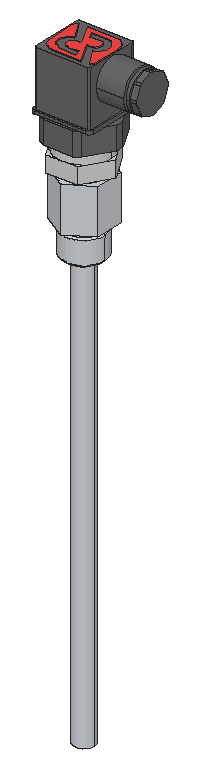
Revit family "РИДАН_Датчик температуры MBT5250R", category Арматура трубопроводов, Revit 2019
Family settings
  Размер круглого соединителя = Использовать диаметр
  Тип детали = Нормальный
  На основе рабочей плоскости = Нет
  Всегда вертикально = Да
  При загрузке вырезать с полостями = Нет
  Общий = Нет
Parameters (values of type "MBT5250 RPt1000 L=250мм")
  Контакты_Производитель = "info@ridan.ru"  # constant formula
  Гильза_ = Влж_Гильза для MBT5250R : Гильза для MBT5250R L=250мм
  Гильза [instance] = yes
  a = 250 mm
  L = 235 mm
  ADSK_Наименование = "Термопреобразователь сопротивления (датчик температуры) MBT5250R Pt1000 L=250 мм"
  ADSK_Масса_Текст = ""
  ADSK_Масса = 0
  ADSK_Марка = "MBT5250R"
  ADSK_Количество = 1  # constant formula
  ADSK_Код изделия = "084Z2258R"
  ADSK_Завод-изготовитель = "ООО «Ридан-Трейд»"  # constant formula
  ADSK_Единица измерения = "шт."
  ADSK_Версия семейства = "1.0"  # constant formula
  ADSK_Версия Revit = "2019"  # constant formula
Types (11, lengths in mm): name | Гильза_ | a | L | ADSK_Наименование | ADSK_Код изделия
  (no name) | Влж_Гильза для MBT5250R : Гильза для MBT5250R L=250мм | 250 | 235 | "Термопреобразователь сопротивления (датчик температуры) MBT5250R Pt1000 L=250 мм" | "084Z2258R"
  MBT5250 RPt1000 L=50мм | Влж_Гильза для MBT5250R : Гильза для MBT5250R L=50мм | 50 | 35 | "Термопреобразователь сопротивления (датчик температуры) MBT5250R Pt1000 L=50 мм" | "084Z8083R"
  MBT5250 RPt1000 L=100мм | Влж_Гильза для MBT5250R : Гильза для MBT5250R L=100мм | 100 | 85 | "Термопреобразователь сопротивления (датчик температуры) MBT5250R Pt1000 L=100 мм" | "084Z8139R"
  MBT5250 RPt1000 L=150мм | Влж_Гильза для MBT5250R : Гильза для MBT5250R L=150мм | 150 | 135 | "Термопреобразователь сопротивления (датчик температуры) MBT5250R Pt1000 L=150 мм" | "084Z2113R"
  MBT5250 RPt1000 L=200мм | Влж_Гильза для MBT5250R : Гильза для MBT5250R L=200мм | 200 | 185 | "Термопреобразователь сопротивления (датчик температуры) MBT5250R Pt1000 L=200 мм" | "084Z2257R"
  MBT5250 RPt1000 L=250мм | Влж_Гильза для MBT5250R : Гильза для MBT5250R L=250мм | 250 | 235 | "Термопреобразователь сопротивления (датчик температуры) MBT5250R Pt1000 L=250 мм" | "084Z2258R"
  MBT5250 RPt100 L=50мм | Влж_Гильза для MBT5250R : Гильза для MBT5250R L=50мм | 50 | 35 | "Термопреобразователь сопротивления (датчик температуры) MBT5250R Pt100 L=50 мм" | "084Z8011R"
  MBT5250 RPt100 L=100мм | Влж_Гильза для MBT5250R : Гильза для MBT5250R L=100мм | 100 | 85 | "Термопреобразователь сопротивления (датчик температуры) MBT5250R Pt100 L=100 мм" | "084Z8012R"
  MBT5250 RPt100 L=150мм | Влж_Гильза для MBT5250R : Гильза для MBT5250R L=150мм | 150 | 135 | "Термопреобразователь сопротивления (датчик температуры) MBT5250R Pt100 L=150 мм" | "084Z8010R"
  MBT5250 RPt100 L=200мм | Влж_Гильза для MBT5250R : Гильза для MBT5250R L=200мм | 200 | 185 | "Термопреобразователь сопротивления (датчик температуры) MBT5250R Pt100 L=200 мм" | "084Z8022R"
  MBT5250 RPt100 L=250мм | Влж_Гильза для MBT5250R : Гильза для MBT5250R L=250мм | 250 | 235 | "Термопреобразователь сопротивления (датчик температуры) MBT5250R Pt100 L=250 мм" | "084Z8023R"
Reference planes
  plane 1 "По центру (Вперед/Назад)": y = 0
  plane 2: z = 0
  plane 3 "По центру (Влево/Вправо)": x = 0
  plane 4: z = 67
  plane 5: z = 9
  plane 6: z = -226
  plane 7: z = 22
Forms (mm)
  Extrusion 1, solid, material "Пластик светло-черный", detail levels fine
    sketch origin (0, 0, 0) x (1, 0, 0) y (0, 1, 0)
      loop
        arc (-12.5, 13.5) -> (-13.207, 13.207) -> (-13.5, 12.5) r 1
        line (-13.5, 12.5) -> (-13.5, -12.5)
        arc (-13.5, -12.5) -> (-13.207, -13.207) -> (-12.5, -13.5) r 1
        line (-12.5, -13.5) -> (12.5, -13.5)
        arc (12.5, -13.5) -> (13.207, -13.207) -> (13.5, -12.5) r 1
        line (13.5, -12.5) -> (13.5, 12.5)
        arc (13.5, 12.5) -> (13.207, 13.207) -> (12.5, 13.5) r 1
        line (12.5, 13.5) -> (-12.5, 13.5)
    from 50 to 77
  Extrusion 2, solid, material "Пластик светло-черный", detail levels fine
    sketch origin (0, 0, 0) x (0, 1, 0) y (0, 0, 1)
      loop
        circle (0, 67) r 9.8
    from 13.5 to 27.3
  Extrusion 3, solid, material "Пластик светло-черный", detail levels fine
    sketch origin (0, 0, 0) x (0, 1, 0) y (0, 0, 1)
      loop
        circle (0, 67) r 7.5
    from 27.3 to 28.3
  Extrusion 4, solid, material "Пластик светло-черный", detail levels fine
    sketch origin (0, 0, 0) x (0, 1, 0) y (0, 0, 1)
      loop
        circle (0, 67) r 9.5
    from 28.3 to 29.8
  Extrusion 5, solid, material "Пластик светло-черный", detail levels fine
    sketch origin (0, 0, 0) x (0, 1, 0) y (0, 0, 1)
      loop
        line (-0.733, 76.461) -> (-6.172, 74.208)
        arc (-6.172, 74.208) -> (-6.71, 73.71) -> (-7.208, 73.172) r 9.489
        line (-7.208, 73.172) -> (-9.461, 67.733)
        arc (-9.461, 67.733) -> (-9.489, 67) -> (-9.461, 66.267) r 9.489
        line (-9.461, 66.267) -> (-7.208, 60.828)
        arc (-7.208, 60.828) -> (-6.71, 60.29) -> (-6.172, 59.792) r 9.489
        line (-6.172, 59.792) -> (-0.733, 57.539)
        arc (-0.733, 57.539) -> (0, 57.511) -> (0.733, 57.539) r 9.489
        line (0.733, 57.539) -> (6.172, 59.792)
        arc (6.172, 59.792) -> (6.71, 60.29) -> (7.208, 60.828) r 9.489
        line (7.208, 60.828) -> (9.461, 66.267)
        arc (9.461, 66.267) -> (9.489, 67) -> (9.461, 67.733) r 9.489
        line (9.461, 67.733) -> (7.208, 73.172)
        arc (7.208, 73.172) -> (6.71, 73.71) -> (6.172, 74.208) r 9.489
        line (6.172, 74.208) -> (0.733, 76.461)
        arc (0.733, 76.461) -> (0, 76.489) -> (-0.733, 76.461) r 9.489
    from 29.8 to 33.3
  Extrusion 6, solid, material "Пластик светло-черный", detail levels fine
    sketch origin (0, 0, 0) x (1, 0, 0) y (0, 1, 0)
      loop
        arc (-17.401, 1.857) -> (-17.5, -0.005) -> (-17.4, -1.867) r 17.5
        line (-17.4, -1.867) -> (-10.307, -14.142)
        arc (-10.307, -14.142) -> (-8.748, -15.157) -> (-7.089, -16) r 17.5
        line (-7.089, -16) -> (7.089, -16)
        arc (7.089, -16) -> (8.748, -15.157) -> (10.307, -14.142) r 17.5
        line (10.307, -14.142) -> (17.4, -1.867)
        arc (17.4, -1.867) -> (17.5, -0.005) -> (17.401, 1.857) r 17.5
        line (17.401, 1.857) -> (10.315, 14.137)
        arc (10.315, 14.137) -> (8.752, 15.154) -> (7.089, 16) r 17.5
        line (7.089, 16) -> (-7.089, 16)
        arc (-7.089, 16) -> (-8.752, 15.154) -> (-10.315, 14.137) r 17.5
        line (-10.315, 14.137) -> (-17.401, 1.857)
    from 37.5 to 48.5
  Extrusion 7, solid, material "Пластик светло-черный", detail levels fine
    sketch origin (0, 0, 0) x (1, 0, 0) y (0, 1, 0)
      loop
        arc (-12.5, 14.5) -> (-13.914, 13.914) -> (-14.5, 12.5) r 2
        line (-14.5, 12.5) -> (-14.5, -12.5)
        arc (-14.5, -12.5) -> (-13.914, -13.914) -> (-12.5, -14.5) r 2
        line (-12.5, -14.5) -> (12.5, -14.5)
        arc (12.5, -14.5) -> (13.914, -13.914) -> (14.5, -12.5) r 2
        line (14.5, -12.5) -> (14.5, 12.5)
        arc (14.5, 12.5) -> (13.914, 13.914) -> (12.5, 14.5) r 2
        line (12.5, 14.5) -> (-12.5, 14.5)
    from 48.5 to 50
  Extrusion 8, solid, material "Сталь нержавеющая", detail levels fine
    sketch origin (0, 0, 0) x (1, 0, 0) y (0, 1, 0)
      loop
        line (-15.588, 0) -> (-7.794, -13.5) -> (7.794, -13.5) -> (15.588, 0) -> (7.794, 13.5) -> (-7.794, 13.5) -> (-15.588, 0)
    from 24 to 32
  Extrusion 9, solid, material "Сталь нержавеющая", detail levels fine
    sketch origin (0, 0, 0) x (1, 0, 0) y (0, 1, 0)
      loop
        circle (0, 0) r 13.5
    from 32 to 37.5
  Revolve 10, solid, material "Сталь нержавеющая", detail levels fine
    sketch origin (0, 0, 0) x (1, 0, 0) y (0, 0, 1)
      loop
        line (-9.5, 21) -> (0, 21) -> (0, 24) -> (-11, 24) -> (-9.5, 21)
      axis (0, 24) -> (0, 21)
    angle from 0 to 360
  Extrusion 11, solid, material "Красный", detail levels fine
    sketch origin (-14.378, -63.509, 0) x (1, 0, 0) y (0, 1, 0)
      loop
        line (6.962, 74.744) -> (13.026, 63.509) -> (10.849, 63.509)
        arc (10.849, 63.509) -> (9.058, 62.767) -> (8.317, 60.976) r 2.533
        arc (8.317, 60.976) -> (9.257, 58.705) -> (11.528, 57.765) r 3.211
        line (11.528, 57.765) -> (16.238, 57.765) -> (17.788, 54.85) -> (11.227, 54.85)
        arc (11.227, 54.85) -> (8.667, 55.304) -> (6.419, 56.61) r 7.445
        arc (6.419, 56.61) -> (4.784, 58.802) -> (4.628, 61.533) r 4.751
        arc (4.628, 61.533) -> (6.028, 64.027) -> (8.531, 65.412) r 5.234
        line (8.531, 65.412) -> (2.735, 74.744)
        arc (2.735, 74.744) -> (1.98, 73.524) -> (1.716, 72.114) r 3.902
        line (1.716, 72.114) -> (1.716, 58.865)
        arc (1.716, 58.865) -> (3.637, 54.228) -> (8.274, 52.307) r 6.558
        line (8.274, 52.307) -> (21.776, 52.307) -> (15.729, 63.509) -> (18.064, 63.509)
        arc (18.064, 63.509) -> (19.32, 64.111) -> (20.224, 65.173) r 3.353
        arc (20.224, 65.173) -> (20.511, 66.368) -> (20.224, 67.563) r 2.625
        arc (20.224, 67.563) -> (19.368, 68.724) -> (18.039, 69.286) r 2.73
        line (18.039, 69.286) -> (12.536, 69.286) -> (11.041, 72.098) -> (18.518, 72.098)
        arc (18.518, 72.098) -> (21.261, 71.276) -> (23.319, 69.286) r 6.055
        arc (23.319, 69.286) -> (24.127, 67.022) -> (23.89, 64.629) r 5.492
        arc (23.89, 64.629) -> (22.567, 62.577) -> (20.415, 61.426) r 4.868
        line (20.415, 61.426) -> (25.727, 52.585)
        arc (25.727, 52.585) -> (26.781, 53.499) -> (27.174, 54.838) r 2.477
        line (27.174, 54.838) -> (27.174, 68.069)
        arc (27.174, 68.069) -> (25.219, 72.789) -> (20.5, 74.744) r 6.675
        line (20.5, 74.744) -> (6.962, 74.744)
    from 76.1 to 77.1
  Revolve 12, solid, material "Сталь нержавеющая", detail levels fine
    sketch origin (0, 0, 0) x (1, 0, 0) y (0, 0, 1)
      loop
        line (-9.5, 19) -> (-10.3, 18) -> (-10.3, 10) -> (-9.3, 9) -> (0, 9) -> (0, 21) -> (-9.5, 21) -> (-9.5, 19)
      axis (0, 21) -> (0, 9)
    angle from 0 to 360
  Extrusion 13, solid, material "Сталь нержавеющая", detail levels fine
    sketch origin (0, 0, 0) x (1, 0, 0) y (0, 1, 0)
      loop
        circle (0, 0) r 3.007
    from -226 to 9
Lines and regions (mm)
  model lines, detail levels coarse+medium
    curve 1: circle (0, 0, 61.087) r 30 normal (0, -1, 0)
    curve 2: line (-16.22, 0, 76.087) -> (13.78, 0, 76.087)
    curve 3: line (0, 0, 41.087) -> (0, 0, 76.087)
    curve 4: line (0, 0, 0.087) -> (0, 0, 31.087)
Dimensions and locks
  locked: plane 5 to plane 2 at 9
  "L": plane 5 to plane 6
  locked: plane 7 to plane 2 at 22
  aligned and locked: level to plane 2
  aligned and locked: plane 5 to Extrusion 13
  aligned and locked: Extrusion 13 to plane 6
  aligned and locked: plane 7 to nested 2
Automatic sketch dimensions
  Extrusion 1 sketch curve to plane 3 "По центру (Влево/Вправо)" = 13.5 mm
  Extrusion 1 sketch curve to Extrusion 1 sketch curve = 1 mm  (x3)
  plane 3 "По центру (Влево/Вправо)" to Extrusion 1 sketch curve = 12.5 mm  (x2)
  plane 1 "По центру (Вперед/Назад)" to Extrusion 1 sketch curve = 13.5 mm
  Extrusion 1 sketch curve to plane 1 "По центру (Вперед/Назад)" = 12.5 mm
  Extrusion 2 sketch curve to plane 1 "По центру (Вперед/Назад)" = 0 mm
  Extrusion 2 sketch curve to plane 4 = 0 mm
  Extrusion 3 sketch curve to plane 1 "По центру (Вперед/Назад)" = 0 mm
  Extrusion 3 sketch curve to plane 4 = 0 mm
  Extrusion 4 sketch curve to plane 1 "По центру (Вперед/Назад)" = 0 mm
  Extrusion 4 sketch curve to plane 4 = 0 mm
  Extrusion 5 sketch curve to Extrusion 5 sketch curve = 0 mm  (x56)
  Extrusion 5 sketch curve to plane 1 "По центру (Вперед/Назад)" = 0 mm
  Extrusion 5 sketch curve to plane 4 = 0 mm
  plane 1 "По центру (Вперед/Назад)" to Extrusion 5 sketch curve = 0.733 mm  (x2)
  Extrusion 5 sketch curve to Extrusion 5 sketch curve = 5.439 mm  (x8)
  Extrusion 5 sketch curve to Extrusion 5 sketch curve = 1.037 mm  (x4)
  plane 4 to Extrusion 5 sketch curve = 0.733 mm  (x2)
  Extrusion 5 sketch curve to Extrusion 5 sketch curve = 2.253 mm  (x4)
  Extrusion 5 sketch curve to plane 4 = 0.733 mm  (x2)
  Extrusion 5 sketch curve to plane 1 "По центру (Вперед/Назад)" = 0.733 mm  (x2)
  Extrusion 6 sketch curve to Extrusion 6 sketch curve = 0 mm  (x30)
  plane 1 "По центру (Вперед/Назад)" to Extrusion 6 sketch curve = 0 mm
  Extrusion 6 sketch curve to plane 1 "По центру (Вперед/Назад)" = 1.857 mm  (x2)
  Extrusion 6 sketch curve to plane 3 "По центру (Влево/Вправо)" = 17.401 mm
  plane 1 "По центру (Вперед/Назад)" to Extrusion 6 sketch curve = 1.867 mm  (x2)
  Extrusion 6 sketch curve to Extrusion 6 sketch curve = 0.001 mm
  Extrusion 6 sketch curve to plane 3 "По центру (Влево/Вправо)" = 10.315 mm
  Extrusion 6 sketch curve to plane 3 "По центру (Влево/Вправо)" = 10.307 mm
  Extrusion 6 sketch curve to Extrusion 6 sketch curve = 3.227 mm  (x2)
  Extrusion 6 sketch curve to Extrusion 6 sketch curve = 3.219 mm  (x2)
  plane 3 "По центру (Влево/Вправо)" to Extrusion 6 sketch curve = 7.089 mm  (x2)
  Extrusion 6 sketch curve to Extrusion 6 sketch curve = 7.093 mm
  plane 1 "По центру (Вперед/Назад)" to Extrusion 6 sketch curve = 14.142 mm
  Extrusion 6 sketch curve to plane 1 "По центру (Вперед/Назад)" = 14.137 mm
  Extrusion 7 sketch curve to plane 3 "По центру (Влево/Вправо)" = 14.5 mm
  Extrusion 7 sketch curve to Extrusion 7 sketch curve = 2 mm  (x3)
  plane 3 "По центру (Влево/Вправо)" to Extrusion 7 sketch curve = 12.5 mm  (x2)
  plane 1 "По центру (Вперед/Назад)" to Extrusion 7 sketch curve = 14.5 mm
  Extrusion 7 sketch curve to plane 1 "По центру (Вперед/Назад)" = 12.5 mm
  plane 1 "По центру (Вперед/Назад)" to Extrusion 8 sketch curve = 0 mm  (x2)
  Extrusion 8 sketch curve to plane 3 "По центру (Влево/Вправо)" = 15.588 mm
  Extrusion 8 sketch curve to plane 3 "По центру (Влево/Вправо)" = 7.794 mm  (x2)
  plane 3 "По центру (Влево/Вправо)" to Extrusion 8 sketch curve = 7.794 mm  (x2)
  Extrusion 8 sketch curve to Extrusion 8 sketch curve = 7.794 mm
  plane 1 "По центру (Вперед/Назад)" to Extrusion 8 sketch curve = 13.5 mm
  Extrusion 8 sketch curve to plane 1 "По центру (Вперед/Назад)" = 13.5 mm
  plane 1 "По центру (Вперед/Назад)" to Extrusion 9 sketch curve = 0 mm
  plane 3 "По центру (Влево/Вправо)" to Extrusion 9 sketch curve = 0 mm
  Revolve 10 sketch curve to plane 3 "По центру (Влево/Вправо)" = 0 mm  (x2)
  Revolve 10 sketch curve to plane 3 "По центру (Влево/Вправо)" = 9.5 mm
  Revolve 10 sketch curve to Revolve 10 sketch curve = 1.5 mm
  plane 5 to Revolve 10 sketch curve = 12 mm
  Revolve 10 sketch curve to Revolve 10 sketch curve = 3 mm
  Revolve 10 sketch curve to Revolve 10 sketch curve = 1.233 mm
  Revolve 10 sketch curve to Revolve 10 sketch curve = 2.263 mm
  curve 4 to plane 3 "По центру (Влево/Вправо)" = 0 mm
  curve 3 to plane 3 "По центру (Влево/Вправо)" = 0 mm
  curve 1 to plane 3 "По центру (Влево/Вправо)" = 0 mm
  curve 1 to plane 4 = 5.913 mm
  curve 2 to plane 3 "По центру (Влево/Вправо)" = 16.22 mm
  curve 3 to curve 2 = 13.78 mm
  curve 3 to curve 1 = 20 mm
  curve 4 to curve 3 = 10 mm
  level to curve 4 = 0.087 mm
  plane 4 to curve 3 = 9.087 mm
  plane 1 "По центру (Вперед/Назад)" to Extrusion 11 sketch curve = 0 mm  (x2)
  Extrusion 11 sketch curve to plane 3 "По центру (Влево/Вправо)" = 12.662 mm
  Extrusion 11 sketch curve to Extrusion 11 sketch curve = 1.019 mm
  Extrusion 11 sketch curve to Extrusion 11 sketch curve = 3.902 mm
  Extrusion 11 sketch curve to Extrusion 11 sketch curve = 1.344 mm
  Extrusion 11 sketch curve to plane 3 "По центру (Влево/Вправо)" = 6.104 mm
  Extrusion 11 sketch curve to plane 1 "По центру (Вперед/Назад)" = 1.904 mm
  Extrusion 11 sketch curve to plane 3 "По центру (Влево/Вправо)" = 5.847 mm
  Extrusion 11 sketch curve to Extrusion 11 sketch curve = 0.975 mm
  Extrusion 11 sketch curve to Extrusion 11 sketch curve = 0.47 mm
  Extrusion 11 sketch curve to Extrusion 11 sketch curve = 1.131 mm
  Extrusion 11 sketch curve to plane 3 "По центру (Влево/Вправо)" = 3.337 mm
  Extrusion 11 sketch curve to Extrusion 11 sketch curve = 0.378 mm
  Extrusion 11 sketch curve to plane 3 "По центру (Влево/Вправо)" = 2.85 mm
  Extrusion 11 sketch curve to plane 3 "По центру (Влево/Вправо)" = 1.842 mm
  Extrusion 11 sketch curve to plane 3 "По центру (Влево/Вправо)" = 1.352 mm
  plane 3 "По центру (Влево/Вправо)" to Extrusion 11 sketch curve = 1.352 mm
  plane 3 "По центру (Влево/Вправо)" to Extrusion 11 sketch curve = 1.86 mm
  plane 3 "По центру (Влево/Вправо)" to Extrusion 11 sketch curve = 2.896 mm
  Extrusion 11 sketch curve to Extrusion 11 sketch curve = 0.403 mm
  Extrusion 11 sketch curve to Extrusion 11 sketch curve = 1.55 mm
  Extrusion 11 sketch curve to Extrusion 11 sketch curve = 0.21 mm
  Extrusion 11 sketch curve to Extrusion 11 sketch curve = 0.766 mm
  Extrusion 11 sketch curve to Extrusion 11 sketch curve = 2.334 mm
  Extrusion 11 sketch curve to Extrusion 11 sketch curve = 0.313 mm
  Extrusion 11 sketch curve to Extrusion 11 sketch curve = 0.479 mm
  Extrusion 11 sketch curve to Extrusion 11 sketch curve = 0.476 mm
  Extrusion 11 sketch curve to Extrusion 11 sketch curve = 0.592 mm
  plane 1 "По центру (Вперед/Назад)" to Extrusion 11 sketch curve = 2.083 mm
  Extrusion 11 sketch curve to Extrusion 11 sketch curve = 2.351 mm
  Extrusion 11 sketch curve to Extrusion 11 sketch curve = 1.981 mm
  Extrusion 11 sketch curve to Extrusion 11 sketch curve = 3.988 mm
  Extrusion 11 sketch curve to Extrusion 11 sketch curve = 2.921 mm
  Extrusion 11 sketch curve to Extrusion 11 sketch curve = 1.03 mm
  Extrusion 11 sketch curve to Extrusion 11 sketch curve = 2.477 mm
  plane 1 "По центру (Вперед/Назад)" to Extrusion 11 sketch curve = 2.533 mm
  Extrusion 11 sketch curve to Extrusion 11 sketch curve = 0.549 mm
  Extrusion 11 sketch curve to Extrusion 11 sketch curve = 0.112 mm
  Extrusion 11 sketch curve to Extrusion 11 sketch curve = 1.562 mm
  Extrusion 11 sketch curve to Extrusion 11 sketch curve = 3.661 mm
  Extrusion 11 sketch curve to Extrusion 11 sketch curve = 2.915 mm
  Extrusion 11 sketch curve to Extrusion 11 sketch curve = 2.531 mm
  plane 1 "По центру (Вперед/Назад)" to Extrusion 11 sketch curve = 1.214 mm
  Extrusion 11 sketch curve to plane 1 "По центру (Вперед/Назад)" = 2.543 mm
  Extrusion 11 sketch curve to Extrusion 11 sketch curve = 0.105 mm
  Extrusion 11 sketch curve to Extrusion 11 sketch curve = 0.301 mm
  Extrusion 11 sketch curve to Extrusion 11 sketch curve = 0.316 mm
  Extrusion 11 sketch curve to Extrusion 11 sketch curve = 0.213 mm
  Extrusion 11 sketch curve to Extrusion 11 sketch curve = 0.187 mm
  Extrusion 11 sketch curve to plane 1 "По центру (Вперед/Назад)" = 4.561 mm
  Extrusion 11 sketch curve to Extrusion 11 sketch curve = 2.519 mm
  Extrusion 11 sketch curve to Extrusion 11 sketch curve = 2.812 mm
  Extrusion 11 sketch curve to Extrusion 11 sketch curve = 2.63 mm
  Extrusion 11 sketch curve to Extrusion 11 sketch curve = 0 mm  (x2)
  Extrusion 11 sketch curve to Extrusion 11 sketch curve = 0.276 mm
  Revolve 12 sketch curve to plane 5 = 0 mm
  Revolve 12 sketch curve to plane 3 "По центру (Влево/Вправо)" = 0 mm  (x2)
  Revolve 12 sketch curve to Revolve 12 sketch curve = 9.3 mm
  Revolve 12 sketch curve to Revolve 12 sketch curve = 9.5 mm
  Revolve 12 sketch curve to Revolve 12 sketch curve = 1 mm  (x2)
  plane 5 to Revolve 12 sketch curve = 1 mm
  Revolve 12 sketch curve to Revolve 12 sketch curve = 8 mm
  Revolve 12 sketch curve to Revolve 12 sketch curve = 2 mm
  level to Revolve 12 sketch curve = 4.471 mm
  Revolve 12 sketch curve to Revolve 12 sketch curve = 1.615 mm
  plane 1 "По центру (Вперед/Назад)" to Extrusion 13 sketch curve = 0 mm
  Extrusion 13 sketch curve to plane 3 "По центру (Влево/Вправо)" = 0 mm
  radius of Extrusion 2 sketch curve = 9.8 mm
  radius of Extrusion 3 sketch curve = 7.5 mm
  radius of Extrusion 4 sketch curve = 9.5 mm
  radius of Extrusion 9 sketch curve = 13.5 mm
  radius of Extrusion 13 sketch curve = 3.007 mm
Nested families
  nested 1: "УГО_ЭУ_термометр" at (0, 0, 0), type "УГО_ЭУ_термометр", detail levels coarse+medium
    with УГО_Длина 100 mm, УГО_Высота 76.308 mm
  nested 2: "Влж_Гильза для MBT5250R" at (0, 0, 22), type <- "Гильза_", L <- "a", visible <- "Гильза", type "Гильза для MBT5250R L=250мм"
    with L1 213 mm, L 250 mm
Connectors
  electrical at (33.3, 0, 67)
    settings: on Extrusion 5, index 1, voltage 0 V, apparent load 0 VA, apparent load phase1 0 VA, apparent load phase2 0 VA, apparent load phase3 0 VA, power factor 1, load classification "Прочее", number of poles 1, system type 5, power factor state 1, is connector primary yes, connector utility no, sub classification motor no, connector description ""
Definition of nested family "Влж_Гильза для MBT5250R"
  Parameters (values of type "Гильза для MBT5250R L=50мм")
    L1 [instance] = if(L = 50 mm, 13 mm, if(L = 100 mm, 63 mm, if(L = 150 mm, 113 mm, if(L = 200 mm, 163 mm, 213 mm))))  # 13 mm
    L [instance] = 50 mm
    ADSK_Наименование = "Гильза для датчиков температуры MBT 5250R, длина 50 мм, резьба G 1/2 внутренняя, нержавеющая сталь 304"
    ADSK_Масса_Текст = ""
    ADSK_Масса = 0
    ADSK_Марка = "Гильза для MBT 5250R"
    ADSK_Количество = 1  # constant formula
    ADSK_Код изделия = "084Z7258R"
    ADSK_Завод-изготовитель = "ООО «Ридан-Трейд»"  # constant formula
    ADSK_Единица измерения = "шт."
  Types (6, lengths in mm): name | L1 | L | ADSK_Наименование | ADSK_Код изделия
    (no name) | 13 | 50 | "Гильза для датчиков температуры MBT 5250R, длина 50 мм, резьба G 1/2 внутренняя, нержавеющая сталь 304" | "084Z7258R"
    Гильза для MBT5250R L=50мм | 13 | 50 | "Гильза для датчиков температуры MBT 5250R, длина 50 мм, резьба G 1/2 внутренняя, нержавеющая сталь 304" | "084Z7258R"
    Гильза для MBT5250R L=100мм | 63 | 100 | "Гильза для датчиков температуры MBT 5250R, длина 100 мм, резьба G 1/2 внутренняя, нержавеющая сталь 304" | "084Z7259R"
    Гильза для MBT5250R L=150мм | 113 | 150 | "Гильза для датчиков температуры MBT 5250R, длина 150 мм, резьба G 1/2 внутренняя, нержавеющая сталь 304" | "084Z7260R"
    Гильза для MBT5250R L=200мм | 163 | 200 | "Гильза для датчиков температуры MBT 5250R, длина 200 мм, резьба G 1/2 внутренняя, нержавеющая сталь 304" | "084Z7261R"
    Гильза для MBT5250R L=250мм | 213 | 250 | "Гильза для датчиков температуры MBT 5250R, длина 250 мм, резьба G 1/2 внутренняя, нержавеющая сталь 304" | "084Z7262R"
  Reference planes
    plane 1 "По центру (Вперед/Назад)": y = 0
    plane 2: z = 0
    plane 3 "По центру (Влево/Вправо)": x = 0
    plane 4: z = -37
    plane 5: z = -50
  Forms (mm)
    Extrusion 1, solid, detail levels fine
      sketch origin (0, 0, 0) x (1, 0, 0) y (0, 1, 0)
        loop
          line (12.13, 7.003) -> (0, 14.006) -> (-12.13, 7.003) -> (-12.13, -7.003) -> (0, -14.006) -> (12.13, -7.003) -> (12.13, 7.003)
      from -22 to 0
    Revolve 2, solid, detail levels fine
      sketch origin (0, 0, 0) x (1, 0, 0) y (0, 0, 1)
        loop
          line (-9.5, -24) -> (-10.3, -25) -> (-10.3, -36) -> (-9.3, -37) -> (0, -37) -> (0, -22) -> (-9.5, -22) -> (-9.5, -24)
        axis (0, -22) -> (0, -37)
      angle from 0 to 360
    Extrusion 3, solid, detail levels fine
      sketch origin (0, 0, 0) x (1, 0, 0) y (0, 1, 0)
        loop
          circle (0, 0) r 5
      from -50 to -37
  Dimensions and locks
    locked: plane 2 to plane 4 at 37
    "L1": plane 4 to plane 5
    aligned and locked: level to plane 2
    aligned and locked: plane 4 to Extrusion 3
    aligned and locked: Extrusion 3 to plane 5
  Automatic sketch dimensions
    Extrusion 1 sketch curve to plane 3 "По центру (Влево/Вправо)" = 0 mm  (x2)
    Extrusion 1 sketch curve to plane 3 "По центру (Влево/Вправо)" = 12.13 mm
    plane 3 "По центру (Влево/Вправо)" to Extrusion 1 sketch curve = 12.13 mm
    plane 1 "По центру (Вперед/Назад)" to Extrusion 1 sketch curve = 14.006 mm
    plane 1 "По центру (Вперед/Назад)" to Extrusion 1 sketch curve = 7.003 mm  (x2)
    Extrusion 1 sketch curve to plane 1 "По центру (Вперед/Назад)" = 7.003 mm  (x2)
    Extrusion 1 sketch curve to Extrusion 1 sketch curve = 7.003 mm
    Revolve 2 sketch curve to plane 4 = 0 mm
    Revolve 2 sketch curve to plane 3 "По центру (Влево/Вправо)" = 0 mm  (x2)
    Revolve 2 sketch curve to plane 3 "По центру (Влево/Вправо)" = 9.3 mm
    Revolve 2 sketch curve to plane 3 "По центру (Влево/Вправо)" = 9.5 mm
    Revolve 2 sketch curve to Revolve 2 sketch curve = 0.8 mm
    plane 4 to Revolve 2 sketch curve = 1 mm
    Revolve 2 sketch curve to Revolve 2 sketch curve = 11 mm
    Revolve 2 sketch curve to Revolve 2 sketch curve = 1 mm
    Revolve 2 sketch curve to Revolve 2 sketch curve = 2 mm
    Revolve 2 sketch curve to plane 4 = 3.085 mm
    Revolve 2 sketch curve to Revolve 2 sketch curve = 1.484 mm
    plane 1 "По центру (Вперед/Назад)" to Extrusion 3 sketch curve = 0 mm
    Extrusion 3 sketch curve to plane 3 "По центру (Влево/Вправо)" = 0 mm
    radius of Extrusion 3 sketch curve = 5 mm
Definition of nested family "УГО_ЭУ_термометр"
  Parameters (values of type "УГО_ЭУ_термометр")
    УГО_Длина [instance] = 100 mm
    УГО_Высота [instance] = УГО_Длина * 0.76308  # 76.308 mm
  Reference planes
    plane 1 "По центру (Вперед/Назад)": y = 0
    plane 2: z = 0
    plane 3 "По центру (Влево/Вправо)": x = 0
  Lines and regions (mm)
    detail lines, in view "Опорный уровень", detail levels coarse+medium
      curve 1: line (0, 0, 0) -> (0, 31, 0)
      curve 2: circle (0, 61, 0) r 30 normal (0, 0, 1)
      curve 3: line (0, 75.635, 59.779) -> (0, 40.139, 59.779)
      curve 4: line (-15, 75.635, 59.779) -> (15, 75.635, 59.779)
